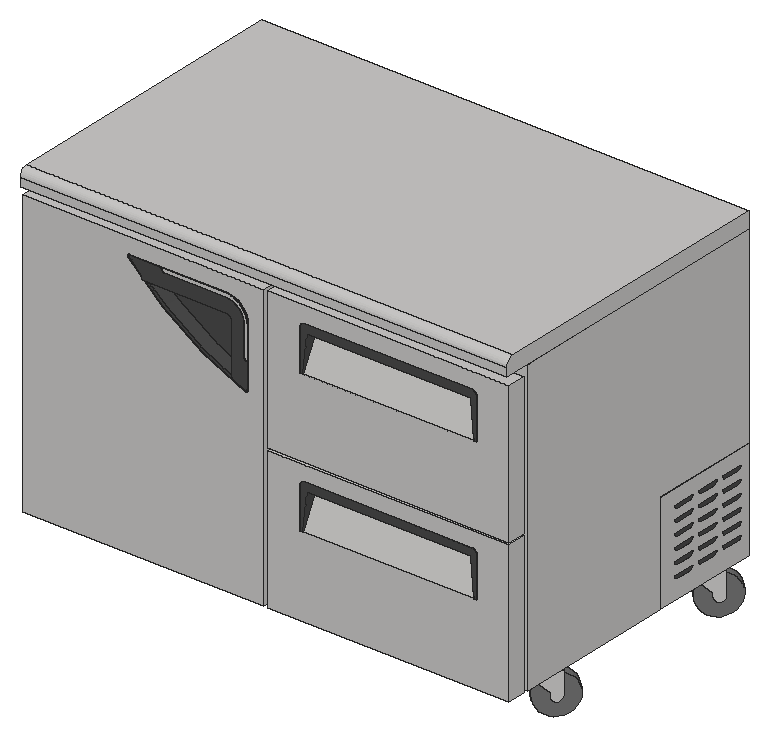
Revit family "QF_Turbo Air_TUR-48SD-D2", category Specialty Equipment, Revit 2012
Parameters
  Weight in Pounds = 253
  Watermarked By = "http://revitwatermark.com"
  Volts = 115 V
  URL Cutsheet = ""
  URL = "www.turboairinc.com"
  Status [instance] = ""
  Specification by User [instance] = ""
  Specification by Manufacturer [instance] = ""
  Serial Number [instance] = ""
  Revision Code [instance] = ""
  Phase = 1
  Number of Poles [instance] = 1
  NAFEM Spec ID Number [instance] = ""
  Model = "TUR-48SD-D2"
  Masterspec [instance] = ""
  Manufacturer = "Turbo Air"  # constant formula
  Legs [instance] = [6 inch Legs]  # no
  Item Number [instance] = "-"
  Installed By [instance] = ""
  HP = "1/3"
  Furnished By [instance] = ""
  Foodservice Equipment Identifier = yes
  FL Amps = 6.5 A
  Electrical Remarks [instance] = ""
  Electric Connection Type [instance] = ""
  Elec Conn RI Height [instance] = 0' - 0"
  Elec Conn Connection Height = 1' - 0"
  Description = "Undercounter Refrigerator"
  Cycle = 60 Hz
  Conn Plug = "NEMA 5-15P"
  Casters [instance] = not(Legs)  # yes
  CasterLeg Height [instance] = if([4 inch Casters], 0' 5", if([5 inch Casters], 0' 5 3/4", if([2_5 inch Casters], 0' 3 3/8", 0' 6")))  # 0' - 5"
  CSI MasterFormat = "11 41 13"
  Assembly Code = "E1090320"
  Apparent Power = if(Phase = 3, Volts * FL Amps * 1.73, Volts * FL Amps)  # 747.5 VA
  6 inch Legs [instance] = no
  5 inch Casters [instance] = no
  4 inch Casters [instance] = yes
  2_5 inch Casters [instance] = no
Reference planes (in)
  plane 1 "BACK": y = 0
  plane 2: z = 0
  plane 3 "LEFT": x = -20.78844
  plane 4 "Bottom": z = 5
  plane 5 "Back Stops": y = 1
  plane 6 "RIGHT": x = 27.46156
  plane 7 "FRONT": y = -30
  plane 8 "Door Clearance": y = -51.875
  plane 9 "Back of Door": y = -27.875
  plane 10 "Front of Box": y = -27.375
  plane 11 "Top of Door": z = 33.125
  plane 12 "TOP": z = 35.625
  plane 13 "Bottom of TOP": z = 34
  plane 14 "Center LR": x = 3.33656
  plane 15: x = 3.52406
  plane 16: x = 3.14906
  plane 17: y = -42.75
Forms (in)
  Extrusion 1, solid, material "QF_Finishes_Stainless Steel"
    sketch origin (-20.78844, 0, 0) x (0, 1, 0) y (0, 0, 1)
      loop
        line (0, 5) -> (0, 34) -> (-27.375, 34) -> (-27.375, 5) -> (0, 5)
    from 0 to 48.25
  Extrusion 2, solid, material "QF_Finishes_Black"
    sketch origin (0, -27.375, 0) x (1, 0, 0) y (0, 0, 1)
      loop
        line (-19.78844, 32.125) -> (-19.78844, 6) -> (2.14906, 6) -> (2.14906, 32.125) -> (-19.78844, 32.125)
      loop
        line (4.52406, 32.125) -> (4.52406, 6) -> (26.46156, 6) -> (26.46156, 32.125) -> (4.52406, 32.125)
    from 0 to 0.5
  Extrusion 3, void
    sketch origin (27.46156, 0, 0) x (0, 1, 0) y (0, 0, 1)
      loop
        line (0, 5) -> (0, 15) -> (-11, 15) -> (-11, 5) -> (0, 5)
    from 0 to -1
  Extrusion 4, solid, material "QF_Finishes_Stainless Steel"
    sketch origin (27.46156, 0, 0) x (0, 1, 0) y (0, 0, 1)
      loop
        line (-10.875, 14.875) -> (-10.875, 5) -> (0, 5) -> (0, 14.875) -> (-10.875, 14.875)
      loop
        arc (-9.25, 13.5) -> (-9.10355, 13.14645) -> (-8.75, 13) r 0.5
        line (-8.75, 13) -> (-7.25, 13)
        arc (-7.25, 13) -> (-6.89645, 13.14645) -> (-6.75, 13.5) r 0.5
        line (-6.75, 13.5) -> (-9.25, 13.5)
      loop
        arc (-6.25, 13.5) -> (-6.10355, 13.14645) -> (-5.75, 13) r 0.5
        line (-5.75, 13) -> (-4.25, 13)
        arc (-4.25, 13) -> (-3.89645, 13.14645) -> (-3.75, 13.5) r 0.5
        line (-3.75, 13.5) -> (-6.25, 13.5)
      loop
        arc (-3.25, 13.5) -> (-3.10355, 13.14645) -> (-2.75, 13) r 0.5
        line (-2.75, 13) -> (-1.25, 13)
        arc (-1.25, 13) -> (-0.89645, 13.14645) -> (-0.75, 13.5) r 0.5
        line (-0.75, 13.5) -> (-3.25, 13.5)
      loop
        arc (-9.25, 12.25) -> (-9.10355, 11.89645) -> (-8.75, 11.75) r 0.5
        line (-8.75, 11.75) -> (-7.25, 11.75)
        arc (-7.25, 11.75) -> (-6.89645, 11.89645) -> (-6.75, 12.25) r 0.5
        line (-6.75, 12.25) -> (-9.25, 12.25)
      loop
        arc (-6.25, 12.25) -> (-6.10355, 11.89645) -> (-5.75, 11.75) r 0.5
        line (-5.75, 11.75) -> (-4.25, 11.75)
        arc (-4.25, 11.75) -> (-3.89645, 11.89645) -> (-3.75, 12.25) r 0.5
        line (-3.75, 12.25) -> (-6.25, 12.25)
      loop
        arc (-3.25, 12.25) -> (-3.10355, 11.89645) -> (-2.75, 11.75) r 0.5
        line (-2.75, 11.75) -> (-1.25, 11.75)
        arc (-1.25, 11.75) -> (-0.89645, 11.89645) -> (-0.75, 12.25) r 0.5
        line (-0.75, 12.25) -> (-3.25, 12.25)
      loop
        arc (-9.25, 11) -> (-9.10355, 10.64645) -> (-8.75, 10.5) r 0.5
        line (-8.75, 10.5) -> (-7.25, 10.5)
        arc (-7.25, 10.5) -> (-6.89645, 10.64645) -> (-6.75, 11) r 0.5
        line (-6.75, 11) -> (-9.25, 11)
      loop
        arc (-6.25, 11) -> (-6.10355, 10.64645) -> (-5.75, 10.5) r 0.5
        line (-5.75, 10.5) -> (-4.25, 10.5)
        arc (-4.25, 10.5) -> (-3.89645, 10.64645) -> (-3.75, 11) r 0.5
        line (-3.75, 11) -> (-6.25, 11)
      loop
        arc (-3.25, 11) -> (-3.10355, 10.64645) -> (-2.75, 10.5) r 0.5
        line (-2.75, 10.5) -> (-1.25, 10.5)
        arc (-1.25, 10.5) -> (-0.89645, 10.64645) -> (-0.75, 11) r 0.5
        line (-0.75, 11) -> (-3.25, 11)
      loop
        arc (-9.25, 9.75) -> (-9.10355, 9.39645) -> (-8.75, 9.25) r 0.5
        line (-8.75, 9.25) -> (-7.25, 9.25)
        arc (-7.25, 9.25) -> (-6.89645, 9.39645) -> (-6.75, 9.75) r 0.5
        line (-6.75, 9.75) -> (-9.25, 9.75)
      loop
        arc (-6.25, 9.75) -> (-6.10355, 9.39645) -> (-5.75, 9.25) r 0.5
        line (-5.75, 9.25) -> (-4.25, 9.25)
        arc (-4.25, 9.25) -> (-3.89645, 9.39645) -> (-3.75, 9.75) r 0.5
        line (-3.75, 9.75) -> (-6.25, 9.75)
      loop
        arc (-3.25, 9.75) -> (-3.10355, 9.39645) -> (-2.75, 9.25) r 0.5
        line (-2.75, 9.25) -> (-1.25, 9.25)
        arc (-1.25, 9.25) -> (-0.89645, 9.39645) -> (-0.75, 9.75) r 0.5
        line (-0.75, 9.75) -> (-3.25, 9.75)
      loop
        arc (-9.25, 8.5) -> (-9.10355, 8.14645) -> (-8.75, 8) r 0.5
        line (-8.75, 8) -> (-7.25, 8)
        arc (-7.25, 8) -> (-6.89645, 8.14645) -> (-6.75, 8.5) r 0.5
        line (-6.75, 8.5) -> (-9.25, 8.5)
      loop
        arc (-6.25, 8.5) -> (-6.10355, 8.14645) -> (-5.75, 8) r 0.5
        line (-5.75, 8) -> (-4.25, 8)
        arc (-4.25, 8) -> (-3.89645, 8.14645) -> (-3.75, 8.5) r 0.5
        line (-3.75, 8.5) -> (-6.25, 8.5)
      loop
        arc (-3.25, 8.5) -> (-3.10355, 8.14645) -> (-2.75, 8) r 0.5
        line (-2.75, 8) -> (-1.25, 8)
        arc (-1.25, 8) -> (-0.89645, 8.14645) -> (-0.75, 8.5) r 0.5
        line (-0.75, 8.5) -> (-3.25, 8.5)
      loop
        arc (-9.25, 7.25) -> (-9.10355, 6.89645) -> (-8.75, 6.75) r 0.5
        line (-8.75, 6.75) -> (-7.25, 6.75)
        arc (-7.25, 6.75) -> (-6.89645, 6.89645) -> (-6.75, 7.25) r 0.5
        line (-6.75, 7.25) -> (-9.25, 7.25)
      loop
        arc (-6.25, 7.25) -> (-6.10355, 6.89645) -> (-5.75, 6.75) r 0.5
        line (-5.75, 6.75) -> (-4.25, 6.75)
        arc (-4.25, 6.75) -> (-3.89645, 6.89645) -> (-3.75, 7.25) r 0.5
        line (-3.75, 7.25) -> (-6.25, 7.25)
      loop
        arc (-3.25, 7.25) -> (-3.10355, 6.89645) -> (-2.75, 6.75) r 0.5
        line (-2.75, 6.75) -> (-1.25, 6.75)
        arc (-1.25, 6.75) -> (-0.89645, 6.89645) -> (-0.75, 7.25) r 0.5
        line (-0.75, 7.25) -> (-3.25, 7.25)
    from 0 to -1
  Extrusion 5, solid, material "QF_Finishes_Black"
    sketch origin (27.46156, 0, 0) x (0, 1, 0) y (0, 0, 1)
      loop
        line (-9.875, 13.95221) -> (-9.875, 6.20221) -> (-0.375, 6.20221) -> (-0.375, 13.95221) -> (-9.875, 13.95221)
    from -0.125 to -1
  Extrusion 6, solid, material "QF_Finishes_Black"
    sketch origin (0, 0, 0) x (1, 0, 0) y (0, 0, 1)
      loop
        circle (-14.66344, 30.8125) r 0.5
      loop
        circle (21.33656, 30.8125) r 0.5
    from 0 to -1
  Extrusion 7, solid, material "QF_Finishes_Stainless Steel"
    sketch origin (0, 0, 0) x (1, 0, 0) y (0, 0, 1)
      loop
        circle (23.46156, 11.125) r 0.25
    from 0 to -0.0625
  Extrusion 8, solid, material "QF_Finishes_Polished Steel"
    sketch origin (-20.78844, 0, 0) x (0, 1, 0) y (0, 0, 1)
      loop
        line (0, 35.625) -> (-29.1875, 35.625)
        arc (-29.1875, 35.625) -> (-29.76202, 35.38702) -> (-30, 34.8125) r 0.8125
        line (-30, 34.8125) -> (-30, 34) -> (0, 34) -> (0, 35.625)
    from 0 to 48.25
Cuts and joins
  Extrusion 3 cuts Extrusion 1
Lines and regions (in)
  symbolic lines
    curve 1: line (-20.78844, 0, 35.875) -> (27.46156, 0, 35.875)
    curve 2: line (-20.78844, -30, 35.875) -> (-20.78844, 0, 35.875)
    curve 3: line (27.46156, -30, 35.875) -> (-20.78844, -30, 35.875)
    curve 4: line (27.46156, 0, 35.875) -> (27.46156, -30, 35.875)
    curve 5: line (20.83656, 1, 35.875) -> (21.83656, 1, 35.875)
    curve 6: line (-15.16344, 1, 35.875) -> (-14.16344, 1, 35.875)
    curve 7: line (-15.16344, 1, 35.875) -> (-15.16344, 0, 35.875)
    curve 8: line (-14.16344, 1, 35.875) -> (-14.16344, 0, 35.875)
    curve 9: line (20.83656, 1, 35.875) -> (20.83656, 0, 35.875)
    curve 10: line (21.83656, 1, 35.875) -> (21.83656, 0, 35.875)
  symbolic lines, style "QF_Clearances", detail levels coarse
    curve 11: line (-20.78844, -30, 35.875) -> (-20.78844, -51.875, 35.875)
    curve 12: arc (-20.78844, -51.875, 35.875) -> (-4.58659, -45.58093, 35.875) -> (3.1173, -30, 35.875) r 24
    curve 13: line (3.52406, -30, 35.875) -> (3.52406, -42.75, 35.875)
    curve 14: line (3.52406, -42.75, 35.875) -> (27.46156, -42.75, 35.875)
    curve 15: line (27.46156, -42.75, 35.875) -> (27.46156, -30, 35.875)
Dimensions and locks (in)
  "CasterLeg Height": plane 4 "Bottom" to plane 2
  locked: plane 1 "BACK" to plane 5 "Back Stops" at 1
  locked: plane 6 "RIGHT" to plane 3 "LEFT" at 48.25
  locked: plane 7 "FRONT" to plane 1 "BACK" at 30
  locked: plane 9 "Back of Door" to plane 10 "Front of Box" at 0.5
  locked: plane 8 "Door Clearance" to plane 1 "BACK" at 51.875
  locked: plane 11 "Top of Door" to Extrusion 2 sketch curve at 1  (x2)
  locked: Extrusion 2 sketch curve to plane 3 "LEFT" at 1
  locked: Extrusion 2 sketch curve to plane 4 "Bottom" at 1  (x2)
  locked: Extrusion 3 sketch curve to plane 1 "BACK" at 11
  locked: Extrusion 3 sketch curve to plane 4 "Bottom" at 10
  locked: plane 4 "Bottom" to Extrusion 4 sketch curve at 9.875
  locked: Extrusion 4 sketch curve to plane 1 "BACK" at 10.875
  locked: Extrusion 5 sketch curve to Extrusion 5 sketch curve at 7.75
  locked: Extrusion 5 sketch curve to plane 4 "Bottom" at 1.20221
  locked: Extrusion 5 sketch curve to Extrusion 5 sketch curve at 9.5
  locked: Extrusion 5 sketch curve to plane 1 "BACK" at 0.375
  locked: nested 1 to plane 1 "BACK" at 2.5625
  locked: plane 3 "LEFT" to nested 1 at 2.5
  locked: plane 3 "LEFT" to nested 2 at 2.5
  locked: plane 10 "Front of Box" to nested 2 at 4.625
  locked: nested 3 to plane 6 "RIGHT" at 2.5
  locked: nested 4 to plane 6 "RIGHT" at 2.5
  locked: plane 10 "Front of Box" to nested 4 at 4.625
  locked: nested 3 to plane 1 "BACK" at 2.5625
  locked: plane 6 "RIGHT" to Extrusion 6 sketch curve at 6.125
  locked: Extrusion 6 sketch curve to plane 3 "LEFT" at 6.125
  locked: Extrusion 7 sketch curve to plane 4 "Bottom" at 6.125
  locked: plane 6 "RIGHT" to Extrusion 7 sketch curve at 4
  locked: plane 12 "TOP" to plane 4 "Bottom" at 30.625
  locked: plane 12 "TOP" to plane 13 "Bottom of TOP" at 1.625
  locked: plane 13 "Bottom of TOP" to plane 11 "Top of Door" at 0.875
  plane 9 "Back of Door" to plane 1 "BACK" = 2' - 3 7/8"
  equal spacing: plane 3 "LEFT", plane 14 "Center LR", plane 6 "RIGHT"
  plane 16 to plane 14 "Center LR" to plane 15 = 0' - 0 3/16" locked, 0' - 0 3/16" locked
  locked: Extrusion 2 sketch curve to plane 16 at 1
  locked: Extrusion 2 sketch curve to plane 6 "RIGHT" at 1
  locked: Extrusion 2 sketch curve to plane 15 at 1
  locked: plane 17 to plane 7 "FRONT" at 12.75
  aligned and locked: level to plane 2
  aligned and locked: Extrusion 1 sketch curve to plane 1 "BACK"
  aligned and locked: Extrusion 1 sketch curve to plane 4 "Bottom"
  aligned and locked: plane 10 "Front of Box" to Extrusion 1 sketch curve
  aligned and locked: plane 6 "RIGHT" to Extrusion 1
  aligned and locked: plane 9 "Back of Door" to Extrusion 2
  aligned and locked: Extrusion 3 sketch curve to plane 1 "BACK"
  aligned and locked: Extrusion 3 sketch curve to plane 4 "Bottom"
  aligned and locked: Extrusion 6 to plane 5 "Back Stops"
  aligned and locked: plane 1 "BACK" to curve 1
  aligned and locked: curve 4 to plane 6 "RIGHT"
  aligned and locked: plane 3 "LEFT" to curve 2
  aligned and locked: curve 3 to plane 7 "FRONT"
  aligned and locked: curve 5 to Extrusion 6
  aligned and locked: curve 6 to Extrusion 6
  aligned and locked: Extrusion 1 sketch curve to plane 13 "Bottom of TOP"
  aligned and locked: plane 1 "BACK" to Extrusion 8 sketch curve
  aligned and locked: plane 13 "Bottom of TOP" to Extrusion 8 sketch curve
  aligned and locked: Extrusion 8 sketch curve to plane 7 "FRONT"
  aligned and locked: Extrusion 8 sketch curve to plane 12 "TOP"
  aligned and locked: plane 6 "RIGHT" to Extrusion 8
  aligned and locked: nested 5 to plane 4 "Bottom"
  aligned and locked: nested 6 to plane 4 "Bottom"
Automatic sketch dimensions
  Extrusion 4 sketch curve to plane 1 "BACK" = 0' - 0"
  Extrusion 4 sketch curve to plane 4 "Bottom" = 0' - 0"
  Extrusion 4 sketch curve to Extrusion 4 sketch curve = 0' - 1 5/8"
  Extrusion 4 sketch curve to Extrusion 4 sketch curve = 0' - 0"  (x16)
  Extrusion 4 sketch curve to Extrusion 4 sketch curve = 0' - 0 1/2"  (x31)
  Extrusion 4 sketch curve to Extrusion 4 sketch curve = 0' - 1 1/2"  (x4)
  plane 1 "BACK" to Extrusion 4 sketch curve = 0' - 1 1/4"  (x3)
  plane 4 "Bottom" to Extrusion 4 sketch curve = 0' - 1 3/4"  (x2)
  Extrusion 4 sketch curve to Extrusion 4 sketch curve = 0' - 0 3/4"  (x15)
  Extrusion 6 sketch curve to plane 11 "Top of Door" = 0' - 2 5/16"  (x2)
  Extrusion 8 sketch curve to plane 7 "FRONT" = 0' - 0 13/16"
  plane 8 "Door Clearance" to curve 11 = 0' - 0"
  plane 17 to curve 15 = 0' - 0"
  plane 9 "Back of Door" to curve 12 = 0' - 0"
  curve 13 to plane 15 = 0' - 0"
  curve 5 to plane 6 "RIGHT" = 0' - 5 5/8"
  curve 5 to curve 5 = 0' - 1"
  plane 3 "LEFT" to curve 6 = 0' - 6 5/8"
  curve 6 to curve 7 = 0' - 1"
  radius of Extrusion 6 sketch curve = 0' - 0 1/2"  (x2)
  radius of Extrusion 7 sketch curve = 0' - 0 1/4"
Nested families (in)
  nested 1: "FESCasterLeg" at (-18.28844, -2.5625, 0), Legs <- "Legs", Casters <- "Casters", Height <- "CasterLeg Height", type "FESCasterLeg"
    with Legs no, Height 0' - 5", Casters yes, Caster Radius 0' - 2"
  nested 2: "FESCasterLeg" at (-18.28844, -22.75, 0), Legs <- "Legs", Casters <- "Casters", Height <- "CasterLeg Height", type "FESCasterLeg"
    with Legs no, Height 0' - 5", Casters yes, Caster Radius 0' - 2"
  nested 3: "FESCasterLeg" at (24.96156, -2.5625, 0), Legs <- "Legs", Casters <- "Casters", Height <- "CasterLeg Height", type "FESCasterLeg"
    with Legs no, Height 0' - 5", Casters yes, Caster Radius 0' - 2"
  nested 4: "FESCasterLeg" at (24.96156, -22.75, 0), Legs <- "Legs", Casters <- "Casters", Height <- "CasterLeg Height", type "FESCasterLeg"
    with Legs no, Height 0' - 5", Casters yes, Caster Radius 0' - 2"
  nested 5: "QF_Turbo Air_TBL_Door-2" at (-5.61177, -27.875, 5), type "QF_Turbo Air_TBL_Door-2"
    with Width 1' - 11 15/16", Symbolic Lines no, Height 2' - 4 1/8", Depth 0' - 1 13/16"
  nested 6: "QF_Turbo Air_TBL_Drawer" at (18.70073, -27.875, 5), type "QF_Turbo Air_TBL_Drawer"
    with Width 1' - 11 15/16", Symbolic Lines no, Height 2' - 4 1/8", Depth 0' - 1 13/16"
Connectors (in)
  electrical at (23.46156, 0.0625, 11.125), driven by "Number of Poles", driven by "Volts", driven by "Apparent Power"
    settings: on Extrusion 7, index 1, voltage 115 V, apparent load 747.5 VA, apparent load phase1 0 VA, apparent load phase2 0 VA, apparent load phase3 0 VA, power factor 1, load classification "Other", number of poles 1, system type 30, power factor state 1, is connector primary yes, connector utility no, sub classification motor no, connector description ""
Definition of nested family "FESCasterLeg"
  Parameters (values of type "FESCasterLeg")
    Watermarked By = "http://revitwatermark.com"
    Type Comments = "⍁⍉⌁⌀⏭⎽⌇⍠⌜⍉⎖⌥⌦⌯⍭⏊⍻⍿⍊⏵⍊⏗⏠⍴⎡⌈⎀⍠⌓⌤⏘⎐⍀⌐⏬⏁⎈⏍⏦⎒⏬⌝⍩⍇⌣〈⎫〉⎁⏊⍥⍖⍥⍝⍦⌖⍀⏌⏭⎝⎼⏷⏞⍻⏯⎽⏷⏞⍻⏯⎽⏷⎺⌻⎝⍎⌧⏷⏟⏿⌿⍜⍦⍤⌁⍬⏶⏎⍊⏚⏉⎞⌡⎀⎪⏈⌟⌿⍾⍼⌟⌿⌢⌞⏜⏝⎽⍷⍷⍯⍧⍷⌯⍽⏸⏨⏾⏎⌣⏺⍹⏼⏅⎏⌽⎫⎪⍙⎓⏗⎗⏅⌴⍏⍏⍿⏑⎺⍘⌭⏲⍥⎛⎾⎾⍞⍌⎪⎲⌙⎥⏏⎟⎟⏼⏘⎏⎝⏧⏍⏁⍏⍧⏯⏾⌟"
    Legs [instance] = yes
    Height [instance] = 0' - 6"
    Caster Radius [instance] = if(Height < 0' 3", 0' 1", (Height / 2) - 0' 0 1/2")  # 0' - 2 1/2"
    Casters [instance] = yes
    Assembly Code = ""
  Reference planes (in)
    plane 1 "Center (Front/Back)": y = 0
    plane 2: z = 0
    plane 3 "Center (Left/Right)": x = 0
    plane 4: z = 6
    plane 5: z = 5.5
  Forms (in)
    Extrusion 1, solid, material "QF_Finishes_Stainless Steel", visible <- "Casters"
      sketch origin (-24.12131, -22.88887, 10.18833) x (0.707107, 0.707107, 0) y (0, 0, 1)
        loop
          line (34.98772, -7.68833) -> (34.98772, -4.93833) -> (34.48772, -4.93833) -> (34.39402, -4.68833) -> (32.39402, -4.68833) -> (32.39402, -5.43833) -> (33.98772, -7.34206) -> (33.98772, -7.68833)
          arc (33.98772, -7.68833) -> (34.48772, -8.18833) -> (34.98772, -7.68833) r 0.5
      from 0 to 1.75
    Extrusion 2, solid, material "QF_Finishes_Rubber Black", visible <- "Casters"
      sketch origin (-24.32327, -23.09083, 13.31461) x (0.707107, 0.707107, 0) y (0, 0, 1)
        loop
          circle (34.77334, -10.81461) r 2.5
      from 0.375 to 1.375
    Extrusion 3, solid, material "QF_Finishes_Stainless Steel", visible <- "Casters"
      sketch origin (-7.24148, -8.48391, 0) x (0.707107, 0.707107, 0) y (0, 0, 1)
        loop
          line (10.61603, 5.5) -> (11.61603, 5.5) -> (11.61603, 6) -> (10.61603, 6) -> (10.61603, 5.5)
      from 0 to -1.75
    Blend 4, solid, material "QF_Finishes_Stainless Steel", visible <- "Legs"
      base sketch origin (0, 0, 0) x (1, 0, 0) y (0, 1, 0)
        loop
          circle (0, 0) r 0.5
      top sketch origin (0, 0, 0) x (1, 0, 0) y (0, 1, 0)
        loop
          circle (0, 0) r 1
      from 0 to 6 <- "Height"
  Lines and regions (in)
    symbolic lines, style "QF_Hidden Details", visible <- "Casters", built-in parameter 1006206 <- "Casters"
      curve 1: line (-1.26158, -0.51911, 0) -> (1.39007, 2.13254, 0)
      curve 2: line (-0.53429, -1.24639, 0) -> (2.11736, 1.40526, 0)
    symbolic lines, style "QF_Hidden Details", built-in parameter 1006206 <- "Casters", visible <- "Casters"
      curve 3: line (-1.26158, -0.51911, 0) -> (1.39007, 2.13254, 0)
      curve 4: line (-0.53429, -1.24639, 0) -> (2.11736, 1.40526, 0)
  Dimensions and locks (in)
    locked: plane 4 to plane 5 at 0.5
    "Height": plane 4 to level
    "Caster Radius": Extrusion 2 sketch curve to level
    "Caster Radius": Extrusion 1 sketch curve to level
    "Caster Radius": radius of Extrusion 2 sketch curve
    aligned and locked: plane 2 to level
    aligned: Blend 4 to Extrusion 3
    aligned and locked: plane 4 to Blend 4
    aligned and locked: Extrusion 3 to plane 5
    aligned and locked: plane 4 to Extrusion 3
    aligned and locked: plane 5 to Extrusion 1
  Automatic sketch dimensions
    plane 1 "Center (Front/Back)" to curve 3 = 0' - 0.51911"
    curve 3 to plane 3 "Center (Left/Right)" = 0' - 1.26158"
    plane 1 "Center (Front/Back)" to curve 1 = 0' - 0.51911"
    curve 1 to curve 3 = 0' - 0"  (x3)
    curve 4 to plane 3 "Center (Left/Right)" = 0' - 0.53429"
    curve 2 to curve 4 = 0' - 0"  (x2)
    plane 3 "Center (Left/Right)" to curve 3 = 0' - 1.39007"
    curve 1 to curve 4 = 0' - 0.72729"
    curve 2 to curve 1 = 0' - 0.72729"
    curve 4 to curve 2 = 0' - 0"  (x2)
    curve 2 to plane 1 "Center (Front/Back)" = 0' - 1.40526"
    curve 2 to curve 3 = 0' - 0.72729"
    plane 5 to Extrusion 1 sketch curve = 0' - 0"
    Extrusion 1 sketch curve to Extrusion 1 sketch curve = 0' - 1.5937"
    Extrusion 1 sketch curve to Extrusion 1 sketch curve = 0' - 2"
    Extrusion 1 sketch curve to Extrusion 1 sketch curve = 0' - 0.0937"
    Extrusion 1 sketch curve to Extrusion 1 sketch curve = 0' - 0 1/2"
    Extrusion 1 sketch curve to Extrusion 1 sketch curve = 0' - 0.34627"
    Extrusion 1 sketch curve to plane 5 = 0' - 0 3/4"
    Extrusion 1 sketch curve to plane 5 = 0' - 0 1/4"
    Extrusion 3 sketch curve to plane 5 = 0' - 0"
    plane 4 to Extrusion 3 sketch curve = 0' - 0"
    Extrusion 3 sketch curve to Extrusion 3 sketch curve = 0' - 1"
    plane 1 "Center (Front/Back)" to Blend 4 sketch curve = 0' - 0"  (x2)
    Blend 4 sketch curve to plane 3 "Center (Left/Right)" = 0' - 0"  (x2)
    radius of Blend 4 sketch curve = 0' - 0 1/2"
    radius of Blend 4 sketch curve = 0' - 1"
Definition of nested family "QF_Turbo Air_TBL_Door-2"
  Parameters (values of type "QF_Turbo Air_TBL_Door-2")
    Width [instance] = 1' - 6"
    Watermarked By = "http://revitwatermark.com"
    Symbolic Lines [instance] = yes
    Manufacturer = "Turbo Air"  # constant formula
    Height [instance] = 2' - 3 1/2"
    Depth [instance] = 0' - 1 13/16"
  Reference planes (in)
    plane 1 "BACK": y = 0
    plane 2: z = 0
    plane 3 "LEFT": x = -15.17667
    plane 4: x = 2.82333
    plane 5 "FRONT": y = -1.8125
    plane 6: z = 27.5
  Forms (in)
    Extrusion 1, solid, material "QF_Finishes_Stainless Steel"
      sketch origin (0, 0, 0) x (1, 0, 0) y (0, 0, 1)
        loop
          line (-15.17667, 27.5) -> (-15.17667, 0) -> (2.82333, 0) -> (2.82333, 27.5) -> (-15.17667, 27.5)
        loop
          arc (1.26083, 23.75) -> (0.62013, 25.2968) -> (-0.92667, 25.9375) r 2.1875
          line (-0.92667, 25.9375) -> (-10.51602, 25.9375)
          arc (-10.51602, 25.9375) -> (-10.68463, 25.82502) -> (-10.64553, 25.62614) r 0.18261
          arc (-10.64553, 25.62614) -> (-5.27313, 21.0225) -> (1.01159, 17.7731) r 30.65514
          arc (1.01159, 17.7731) -> (1.18191, 17.79728) -> (1.26083, 17.95014) r 0.1875
          line (1.26083, 17.95014) -> (1.26083, 23.75)
      from 0 to 1.8125
    Extrusion 2, solid, material "QF_Finishes_Black"
      sketch origin (0, 0, 0) x (1, 0, 0) y (0, 0, 1)
        loop
          arc (-10.51602, 25.9375) -> (-10.68463, 25.82502) -> (-10.64553, 25.62614) r 0.18261
          arc (-10.64553, 25.62614) -> (-5.27313, 21.0225) -> (1.01159, 17.7731) r 30.65514
          arc (1.01159, 17.7731) -> (1.18191, 17.79728) -> (1.26083, 17.95014) r 0.1875
          line (1.26083, 17.95014) -> (1.26083, 23.75)
          arc (1.26083, 23.75) -> (0.62013, 25.2968) -> (-0.92667, 25.9375) r 2.1875
          line (-0.92667, 25.9375) -> (-10.51602, 25.9375)
      from 0 to 0.25
    Extrusion 3, solid, material "QF_Finishes_Black"
      sketch origin (0, -1.8125, 0) x (1, 0, 0) y (0, 0, 1)
        loop
          arc (-10.51602, 25.9375) -> (-10.68463, 25.82502) -> (-10.64553, 25.62614) r 0.18261
          arc (-10.64553, 25.62614) -> (-5.27313, 21.0225) -> (1.01159, 17.7731) r 30.65514
          arc (1.01159, 17.7731) -> (1.18191, 17.79728) -> (1.26083, 17.95014) r 0.1875
          line (1.26083, 17.95014) -> (1.26083, 23.75)
          arc (1.26083, 23.75) -> (0.62013, 25.2968) -> (-0.92667, 25.9375) r 2.1875
          line (-0.92667, 25.9375) -> (-10.51602, 25.9375)
        loop
          arc (-10.3612, 25.6875) -> (-5.1116, 21.21513) -> (1.01083, 18.04082) r 30.40514
          line (1.01083, 18.04082) -> (1.01083, 23.75)
          arc (1.01083, 23.75) -> (0.44335, 25.12002) -> (-0.92667, 25.6875) r 1.9375
          line (-0.92667, 25.6875) -> (-10.3612, 25.6875)
      from 0 to -1.5625
    Extrusion 4, solid, material "QF_Finishes_Stainless Steel"
      sketch origin (0, -1.8125, 0) x (1, 0, 0) y (0, 0, 1)
        loop
          line (0.8693, 23.74703) -> (0.8693, 20.9359)
          arc (0.8693, 20.9359) -> (0.97619, 20.67783) -> (1.23426, 20.57094) r 0.36497
          line (1.23426, 20.57094) -> (1.23426, 23.75728)
          arc (1.23426, 23.75728) -> (0.60343, 25.28026) -> (-0.91955, 25.9111) r 2.15381
          line (-0.91955, 25.9111) -> (-7.29364, 25.9111)
          arc (-7.29364, 25.9111) -> (-7.18686, 25.6533) -> (-6.92907, 25.54652) r 0.36457
          line (-6.92907, 25.54652) -> (-0.9302, 25.54652)
          arc (-0.9302, 25.54652) -> (0.34224, 25.01946) -> (0.8693, 23.74703) r 1.79949
      from 0 to 0.0625
    Extrusion 5, solid, material "QF_Finishes_Black"
      sketch origin (0, -1.8125, 0) x (1, 0, 0) y (0, 0, 1)
        loop
          line (-7.29579, 25.91713) -> (-10.23685, 25.91713)
          arc (-10.23685, 25.91713) -> (-10.4057, 25.80626) -> (-10.37109, 25.60724) r 0.18402
          arc (-10.37109, 25.60724) -> (-9.82156, 25.0362) -> (-9.25736, 24.47964) r 30.46741
          arc (-9.25736, 24.47964) -> (-9.13766, 24.40221) -> (-8.99771, 24.37509) r 0.37471
          line (-8.99771, 24.37509) -> (-0.92669, 24.37509)
          arc (-0.92669, 24.37509) -> (-0.48472, 24.19202) -> (-0.30165, 23.75005) r 0.62505
          line (-0.30165, 23.75005) -> (-0.30165, 18.75593)
          arc (-0.30165, 18.75593) -> (-0.23944, 18.54909) -> (-0.07345, 18.41087) r 0.375
          arc (-0.07345, 18.41087) -> (0.46451, 18.18804) -> (1.00663, 17.97553) r 30.46765
          arc (1.00663, 17.97553) -> (1.17982, 17.99636) -> (1.26095, 18.15079) r 0.18755
          line (1.26095, 18.15079) -> (1.26095, 20.57213)
          arc (1.26095, 20.57213) -> (0.98629, 20.66883) -> (0.87001, 20.93579) r 0.36461
          line (0.87001, 20.93579) -> (0.87001, 23.74835)
          arc (0.87001, 23.74835) -> (0.34256, 25.02175) -> (-0.93084, 25.54921) r 1.80086
          line (-0.93084, 25.54921) -> (-6.92787, 25.54921)
          arc (-6.92787, 25.54921) -> (-7.18803, 25.65697) -> (-7.29579, 25.91713) r 0.36792
      from 0 to 0.0625
  Lines and regions (in)
    symbolic lines, visible <- "Symbolic Lines"
      curve 1: line (-15.17667, 0, 25.96875) -> (2.82333, 0, 25.96875)
      curve 2: line (-15.17667, -1.8125, 25.96875) -> (-15.17667, 0, 25.96875)
      curve 3: line (2.82333, -1.8125, 25.96875) -> (-15.17667, -1.8125, 25.96875)
      curve 4: line (2.82333, 0, 25.96875) -> (2.82333, -1.8125, 25.96875)
  Dimensions and locks (in)
    "Width": plane 4 to plane 3 "LEFT"
    "Depth": plane 5 "FRONT" to plane 1 "BACK"
    "Height": plane 6 to plane 2
    locked: plane 4 to Extrusion 1 sketch curve at 3.75
    locked: plane 6 to Extrusion 1 sketch curve at 3.75
    locked: plane 6 to Extrusion 1 sketch curve at 9.54986
    locked: plane 4 to Extrusion 1 sketch curve at 1.5625
    locked: plane 6 to Extrusion 1 sketch curve at 1.5625
    locked: plane 4 to Extrusion 1 sketch curve at 13.33935
    locked: plane 6 to Extrusion 1 sketch curve at 1.87386
    locked: plane 6 to Extrusion 1 sketch curve at 9.7269
    locked: plane 4 to Extrusion 1 sketch curve at 1.81175
    locked: plane 4 to Extrusion 1 sketch curve at 13.46886
    locked: Extrusion 4 sketch curve to Extrusion 4 sketch curve at 0.36457
    locked: Extrusion 4 sketch curve to Extrusion 4 sketch curve at 0.36497
    locked: plane 4 to Extrusion 4 sketch curve at 1.58907
    locked: plane 6 to Extrusion 4 sketch curve at 1.5889
    plane 4 to Extrusion 4 sketch curve = 0' - 10.11697"
    locked: plane 4 to Extrusion 4 sketch curve at 9.7524
    locked: plane 4 to Extrusion 4 sketch curve at 3.74288
    locked: plane 4 to Extrusion 4 sketch curve at 3.75353
    locked: plane 6 to Extrusion 4 sketch curve at 3.74272
    locked: plane 6 to Extrusion 4 sketch curve at 3.75297
    locked: plane 6 to Extrusion 4 sketch curve at 6.92906
    locked: plane 6 to Extrusion 4 sketch curve at 6.5641
    locked: plane 4 to Extrusion 2 sketch curve at 3.75
    locked: plane 4 to Extrusion 2 sketch curve at 13.33935
    locked: plane 4 to Extrusion 2 sketch curve at 13.46886
    locked: plane 4 to Extrusion 2 sketch curve at 1.81175
    locked: plane 4 to Extrusion 2 sketch curve at 1.5625
    locked: plane 4 to Extrusion 5 sketch curve at 1.56238
    locked: plane 4 to Extrusion 5 sketch curve at 1.95332
    locked: plane 4 to Extrusion 5 sketch curve at 3.75417
    locked: plane 4 to Extrusion 5 sketch curve at 9.75121
    locked: plane 4 to Extrusion 5 sketch curve at 10.11912
    locked: plane 4 to Extrusion 5 sketch curve at 13.06018
    locked: plane 4 to Extrusion 5 sketch curve at 13.19443
    locked: plane 4 to Extrusion 5 sketch curve at 12.0807
    locked: plane 4 to Extrusion 5 sketch curve at 11.82104
    locked: plane 4 to Extrusion 5 sketch curve at 3.75003
    locked: plane 4 to Extrusion 5 sketch curve at 3.12498
    locked: plane 4 to Extrusion 5 sketch curve at 2.89679
    locked: plane 4 to Extrusion 5 sketch curve at 1.81671
    aligned and locked: level to plane 2
    aligned and locked: Extrusion 1 sketch curve to plane 6
    aligned and locked: plane 3 "LEFT" to Extrusion 1 sketch curve
    aligned and locked: level to Extrusion 1 sketch curve
    aligned and locked: Extrusion 1 sketch curve to plane 4
    aligned and locked: plane 5 "FRONT" to Extrusion 1
    aligned and locked: plane 1 "BACK" to curve 1
    aligned and locked: plane 3 "LEFT" to curve 2
    aligned and locked: curve 3 to plane 5 "FRONT"
    aligned and locked: curve 4 to plane 4
    aligned and locked: Extrusion 3 sketch curve to Extrusion 1  (x4)
  Automatic sketch dimensions
    plane 4 to Extrusion 1 sketch curve = 0' - 9.03101"
    Extrusion 2 sketch curve to plane 6 = 0' - 1 9/16"
    Extrusion 2 sketch curve to Extrusion 2 sketch curve = 0' - 5.79986"
    Extrusion 2 sketch curve to Extrusion 2 sketch curve = 0' - 0.31136"
    plane 4 to Extrusion 2 sketch curve = 0' - 9.03101"
    Extrusion 2 sketch curve to Extrusion 2 sketch curve = 0' - 0.17704"
    Extrusion 3 sketch curve to Extrusion 3 sketch curve = 0' - 0.12951"
    Extrusion 3 sketch curve to Extrusion 3 sketch curve = 0' - 0.15482"
    Extrusion 3 sketch curve to Extrusion 3 sketch curve = 0' - 0"  (x4)
    Extrusion 3 sketch curve to Extrusion 3 sketch curve = 0' - 0.00075"
    Extrusion 3 sketch curve to Extrusion 3 sketch curve = 0' - 0.09068"
    Extrusion 5 sketch curve to Extrusion 5 sketch curve = 0' - 0"  (x4)
    Extrusion 5 sketch curve to Extrusion 5 sketch curve = 0' - 0.00072"
    Extrusion 5 sketch curve to Extrusion 5 sketch curve = 0' - 2.81256"
    Extrusion 5 sketch curve to Extrusion 5 sketch curve = 0' - 0.36461"
    Extrusion 5 sketch curve to Extrusion 5 sketch curve = 0' - 1.8162"
    Extrusion 5 sketch curve to plane 6 = 0' - 1.89276"
    Extrusion 5 sketch curve to Extrusion 5 sketch curve = 0' - 0.14681"
    Extrusion 5 sketch curve to Extrusion 5 sketch curve = 0' - 0.06678"
    Extrusion 5 sketch curve to plane 6 = 0' - 1.58287"
Definition of nested family "QF_Turbo Air_TBL_Drawer"
  Parameters (values of type "QF_Turbo Air_TBL_Drawer")
    Width [instance] = 2' - 5 5/16"
    Watermarked By = "http://revitwatermark.com"
    Symbolic Lines [instance] = yes
    Manufacturer = "Turbo Air"  # constant formula
    Height [instance] = 2' - 3 7/16"
    Depth [instance] = 0' - 1 13/16"
  Reference planes (in)
    plane 1 "BACK": y = 0
    plane 2: z = 0
    plane 3 "LEFT": x = -15.17667
    plane 4: x = 14.13583
    plane 5 "FRONT": y = -1.8125
    plane 6: z = 27.4375
    plane 7 "Handle Center": x = -0.52042
    plane 8 "Door Center": z = 13.71875
  Forms (in)
    Extrusion 1, solid, material "QF_Finishes_Black"
      sketch origin (-31.11417, 0, 15.01083) x (0, 0, -1) y (1, 0, 0)
        loop
          arc (-10.23917, 39.40625) -> (-10.63691, 39.2415) -> (-10.80167, 38.84375) r 0.5625
          line (-10.80167, 38.84375) -> (-10.80167, 22.34375)
          arc (-10.80167, 22.34375) -> (-10.63691, 21.946) -> (-10.23917, 21.78125) r 0.5625
          line (-10.23917, 21.78125) -> (-6.30167, 21.78125) -> (-6.30167, 22.125) -> (-9.98917, 22.44761) -> (-9.98917, 38.73989) -> (-6.30167, 39.0625) -> (-6.30167, 39.40625) -> (-10.23917, 39.40625)
        loop
          line (7.41708, 21.78125) -> (7.41708, 22.125) -> (3.72958, 22.44761) -> (3.72958, 38.73989) -> (7.41708, 39.0625) -> (7.41708, 39.40625) -> (3.47958, 39.40625)
          arc (3.47958, 39.40625) -> (3.08184, 39.2415) -> (2.91708, 38.84375) r 0.5625
          line (2.91708, 38.84375) -> (2.91708, 22.34375)
          arc (2.91708, 22.34375) -> (3.08184, 21.946) -> (3.47958, 21.78125) r 0.5625
          line (3.47958, 21.78125) -> (7.41708, 21.78125)
      from 0 to 1.8125
    Extrusion 2, solid, material "QF_Finishes_Stainless Steel"
      sketch origin (-9.36417, 0, 15.01083) x (0, 1, 0) y (0, 0, 1)
        loop
          line (-1.8125, 6.30167) -> (0, 6.30167) -> (0, 9.98917) -> (-0.47036, 9.98917) -> (-1.8125, 6.30167)
        loop
          line (-1.8125, -7.41708) -> (0, -7.41708) -> (0, -3.72958) -> (-0.47036, -3.72958) -> (-1.8125, -7.41708)
      from 0.375 to 17.3125
    Extrusion 3, solid, material "QF_Finishes_Stainless Steel"
      sketch origin (0, 0, 0) x (1, 0, 0) y (0, 0, 1)
        loop
          line (-15.17667, 27.4375) -> (-15.17667, 13.84375) -> (14.13583, 13.84375) -> (14.13583, 27.4375) -> (-15.17667, 27.4375)
        loop
          line (-15.17667, 0) -> (14.13583, 0) -> (14.13583, 13.59375) -> (-15.17667, 13.59375) -> (-15.17667, 0)
        loop
          arc (-8.77042, 25.8125) -> (-9.16816, 25.64775) -> (-9.33292, 25.25) r 0.5625
          line (-9.33292, 25.25) -> (-9.33292, 21.3125) -> (8.29208, 21.3125) -> (8.29208, 25.25)
          arc (8.29208, 25.25) -> (8.12733, 25.64775) -> (7.72958, 25.8125) r 0.5625
          line (7.72958, 25.8125) -> (-8.77042, 25.8125)
        loop
          arc (-8.77042, 12.09375) -> (-9.16816, 11.929) -> (-9.33292, 11.53125) r 0.5625
          line (-9.33292, 11.53125) -> (-9.33292, 7.59375) -> (8.29208, 7.59375) -> (8.29208, 11.53125)
          arc (8.29208, 11.53125) -> (8.12733, 11.929) -> (7.72958, 12.09375) r 0.5625
          line (7.72958, 12.09375) -> (-8.77042, 12.09375)
      from 0 to 1.8125
  Lines and regions (in)
    symbolic lines, visible <- "Symbolic Lines"
      curve 1: line (-15.17667, 0, 25.96875) -> (14.13583, 0, 25.96875)
      curve 2: line (-15.17667, -1.8125, 25.96875) -> (-15.17667, 0, 25.96875)
      curve 3: line (14.13583, -1.8125, 25.96875) -> (-15.17667, -1.8125, 25.96875)
      curve 4: line (14.13583, 0, 25.96875) -> (14.13583, -1.8125, 25.96875)
  Dimensions and locks (in)
    "Width": plane 4 to plane 3 "LEFT"
    "Depth": plane 5 "FRONT" to plane 1 "BACK"
    "Height": plane 6 to plane 2
    locked: Extrusion 3 sketch curve to Extrusion 3 sketch curve at 4.5  (x2)
    locked: plane 6 to Extrusion 3 sketch curve at 1.625
    locked: plane 6 to Extrusion 1 sketch curve at 1.625
    locked: Extrusion 1 sketch curve to Extrusion 1 sketch curve at 0.8125  (x2)
    locked: Extrusion 1 sketch curve to Extrusion 1 sketch curve at 4.5  (x4)
    locked: Extrusion 1 sketch curve to Extrusion 1 sketch curve at 0.66636  (x4)
    locked: plane 6 to Extrusion 2 sketch curve at 2.4375
    locked: Extrusion 2 sketch curve to Extrusion 2 sketch curve at 3.6875  (x2)
    locked: Extrusion 2 sketch curve to plane 5 "FRONT" at 1.34214  (x2)
    equal spacing: plane 3 "LEFT", plane 7 "Handle Center", plane 4
    equal spacing: plane 6, plane 8 "Door Center", level
    Extrusion 3 sketch curve to plane 8 "Door Center" to Extrusion 3 sketch curve = 0' - 0 1/8" locked, 0' - 0 1/8" locked
    Extrusion 3 sketch curve to plane 7 "Handle Center" to Extrusion 3 sketch curve = 0' - 8 13/16" locked, 0' - 8 13/16" locked  (x2)
    locked: plane 8 "Door Center" to Extrusion 3 sketch curve at 1.625
    Extrusion 1 sketch curve to plane 7 "Handle Center" to Extrusion 1 sketch curve = 0' - 8 13/16" locked, 0' - 8 13/16" locked  (x2)
    Extrusion 2 to plane 7 "Handle Center" to Extrusion 2 = 0' - 8 15/32" locked, 0' - 8 15/32" locked
    locked: plane 8 "Door Center" to Extrusion 1 sketch curve at 1.625
    locked: plane 8 "Door Center" to Extrusion 2 sketch curve at 2.4375
    aligned and locked: level to plane 2
    aligned and locked: Extrusion 3 sketch curve to plane 6
    aligned and locked: plane 3 "LEFT" to Extrusion 3 sketch curve  (x2)
    aligned and locked: level to Extrusion 3 sketch curve
    aligned and locked: Extrusion 3 sketch curve to plane 4  (x2)
    aligned and locked: plane 5 "FRONT" to Extrusion 3
    aligned and locked: Extrusion 2 sketch curve to plane 1 "BACK"  (x2)
    aligned and locked: plane 1 "BACK" to curve 1
    aligned and locked: plane 3 "LEFT" to curve 2
    aligned and locked: curve 3 to plane 5 "FRONT"
    aligned and locked: curve 4 to plane 4
  Automatic sketch dimensions
    Extrusion 1 sketch curve to Extrusion 1 sketch curve = 0' - 0 1/4"  (x4)
    Extrusion 1 sketch curve to Extrusion 1 sketch curve = 0' - 0 11/32"  (x4)
    Extrusion 2 sketch curve to plane 5 "FRONT" = 0' - 0"  (x2)
    Extrusion 3 sketch curve to Extrusion 3 sketch curve = 0' - 0 9/16"  (x4)
